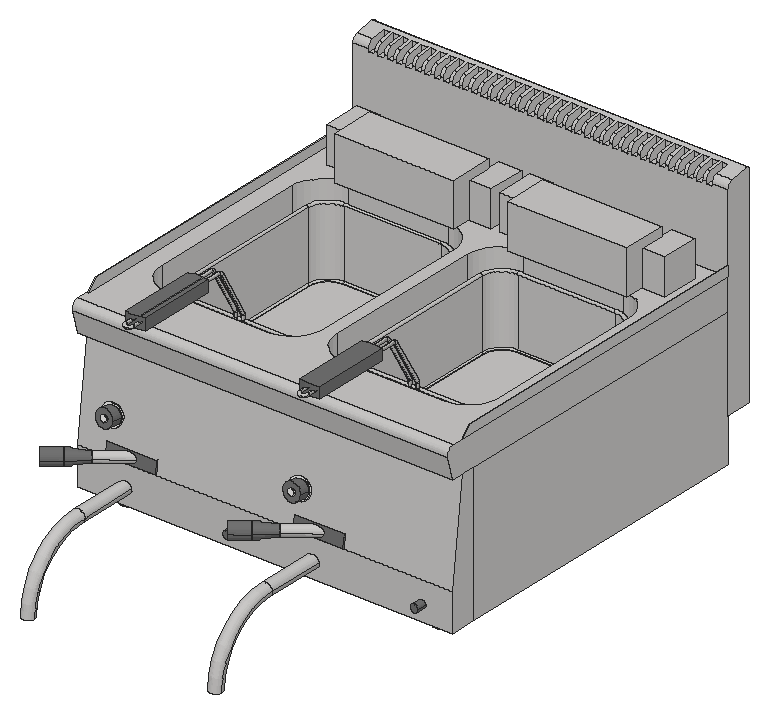
Revit family "QF_GIORIK_LFE6910", category Specialty Equipment, Revit 2014
Parameters (values of type "LFE6910")
  Weight in Pounds = 68.3432
  Watts = 20000 W
  Volts = 400 V
  URL Cutsheet = "www.giorik.com"
  URL = "www.giorik.com"
  Status [instance] = ""
  Specification by User [instance] = ""
  Specification by Manufacturer = ""
  Show Logo [instance] = yes
  Show Clearance [instance] = yes
  Serial Number = ""
  Seismic Rating = ""
  SMACNA No = ""
  Revision Code [instance] = ""
  Phase = 3
  Number of Poles [instance] = 3
  NAFEM Spec ID Number = ""
  Model = "LFE6910"
  Min Ckt Ampacity = 0 A
  Max Overcurrent Protection = 0 A
  Masterspec = ""
  Manufacturer = "GIORIK"
  Item Number [instance] = ""
  Installed By [instance] = ""
  Identify Quantity as Lot [instance] = no
  HP = "26.820400000000"
  Furnished By [instance] = ""
  Foodservice Equipment Identifier [instance] = yes
  FL Amps = 0 A
  Electrical Remarks [instance] = ""
  Electric Connection Type [instance] = ""
  Elec Conn RI Height [instance] = 0 mm
  Elec Conn Connection Height [instance] = 45 mm
  Description = "FRYER WITH LIFTABLE HEATING ELEMENTS ELECTRIC 10+10 LT"
  Cycle = 50 Hz
  Conn Plug = ""
  CSI MasterFormat = ""
  Assembly Code = "E1090320"
  Apparent Power = 20000 VA
Reference planes
  plane 1 "Back": y = 0
  plane 2: z = 0
  plane 3 "Left": x = 0
  plane 4 "Right": x = 600
  plane 5 "Front": y = -600
  plane 6 "Top": z = 430
Forms (mm)
  Extrusion 1, solid
    sketch origin (0, 1000, -578.42) x (0, 1, 0) y (0, 0, 1)
      loop
        line (-1040.007, 869.975) -> (-1589.445, 869.975)
        arc (-1589.445, 869.975) -> (-1598.171, 865.672) -> (-1600.069, 856.13) r 10.999
        line (-1600.069, 856.13) -> (-1590.388, 820) -> (-1040.007, 820) -> (-1040.007, 869.975)
    from 0 to 600
  Extrusion 2, solid
    sketch origin (0, 0, -558.42) x (0, 1, 0) y (0, 0, 1)
      loop
        line (-570.06, 849.975) -> (-40.007, 849.975) -> (-40.007, 864.975) -> (-555.06, 864.975) -> (-570.06, 849.975)
    from 0 to 1.85
  Extrusion 3, solid
    sketch origin (0, 0, -558.42) x (0, 1, 0) y (0, 0, 1)
      loop
        line (-40.007, 800) -> (-550, 800) -> (-550, 580) -> (-40.007, 580) -> (-40.007, 800)
    from 0 to 600
  Extrusion 4, solid
    sketch origin (0, 0, -558.42) x (0, 1, 0) y (0, 0, 1)
      loop
        line (-550, 800) -> (-570.5, 800) -> (-590, 640) -> (-590, 580) -> (-550, 580) -> (-550, 800)
    from 0 to 600
  Extrusion 5, solid
    sketch origin (598.094, 0, -558.42) x (0, 1, 0) y (0, 0, 1)
      loop
        line (-570.06, 849.975) -> (-40.007, 849.975) -> (-40.007, 864.975) -> (-555.06, 864.975) -> (-570.06, 849.975)
    from -0.15 to 1.906
  Extrusion 6, solid
    sketch origin (0, 0, -558.42) x (0, 1, 0) y (0, 0, 1)
      loop
        line (-40.007, 974.217) -> (-40.007, 650.827) -> (0, 650.827) -> (0, 988.42)
        arc (0, 988.42) -> (-0.57, 989.648) -> (-1.878, 990) r 1.6
        line (-1.878, 990) -> (-31.072, 984.852)
        arc (-31.072, 984.852) -> (-37.477, 981.162) -> (-40.007, 974.217) r 10.797
    from 0 to 600
  Extrusion 7, solid
    sketch origin (568.319, 0, -558.42) x (1, 0, 0) y (0, 0, 1)
      loop
        circle (-38.319, 606) r 12.5
    from 20.007 to 40.007
  Extrusion 8, void
    sketch origin (10, 0, 431.58) x (0, 1, 0) y (-1, 0, 0)
      loop
        line (-40.007, -25) -> (-9.931, -25) -> (-9.931, -15) -> (-40.007, -15) -> (-40.007, -25)
      loop
        line (-40.007, -40) -> (-9.931, -40) -> (-9.931, -30) -> (-40.007, -30) -> (-40.007, -40)
      loop
        line (-40.007, -55) -> (-9.931, -55) -> (-9.931, -45) -> (-40.007, -45) -> (-40.007, -55)
      loop
        line (-40.007, -70) -> (-9.931, -70) -> (-9.931, -60) -> (-40.007, -60) -> (-40.007, -70)
      loop
        line (-40.007, -85) -> (-9.931, -85) -> (-9.931, -75) -> (-40.007, -75) -> (-40.007, -85)
      loop
        line (-40.007, -100) -> (-9.931, -100) -> (-9.931, -90) -> (-40.007, -90) -> (-40.007, -100)
      loop
        line (-40.007, -115) -> (-9.931, -115) -> (-9.931, -105) -> (-40.007, -105) -> (-40.007, -115)
      loop
        line (-40.007, -130) -> (-9.931, -130) -> (-9.931, -120) -> (-40.007, -120) -> (-40.007, -130)
      loop
        line (-40.007, -145) -> (-9.931, -145) -> (-9.931, -135) -> (-40.007, -135) -> (-40.007, -145)
      loop
        line (-40.007, -160) -> (-9.931, -160) -> (-9.931, -150) -> (-40.007, -150) -> (-40.007, -160)
      loop
        line (-40.007, -175) -> (-9.931, -175) -> (-9.931, -165) -> (-40.007, -165) -> (-40.007, -175)
      loop
        line (-40.007, -190) -> (-9.931, -190) -> (-9.931, -180) -> (-40.007, -180) -> (-40.007, -190)
      loop
        line (-40.007, -205) -> (-9.931, -205) -> (-9.931, -195) -> (-40.007, -195) -> (-40.007, -205)
      loop
        line (-40.007, -220) -> (-9.931, -220) -> (-9.931, -210) -> (-40.007, -210) -> (-40.007, -220)
      loop
        line (-40.007, -235) -> (-9.931, -235) -> (-9.931, -225) -> (-40.007, -225) -> (-40.007, -235)
      loop
        line (-40.007, -250) -> (-9.931, -250) -> (-9.931, -240) -> (-40.007, -240) -> (-40.007, -250)
      loop
        line (-40.007, -265) -> (-9.931, -265) -> (-9.931, -255) -> (-40.007, -255) -> (-40.007, -265)
      loop
        line (-40.007, -280) -> (-9.931, -280) -> (-9.931, -270) -> (-40.007, -270) -> (-40.007, -280)
      loop
        line (-40.007, -295) -> (-9.931, -295) -> (-9.931, -285) -> (-40.007, -285) -> (-40.007, -295)
      loop
        line (-40.007, -310) -> (-9.931, -310) -> (-9.931, -300) -> (-40.007, -300) -> (-40.007, -310)
      loop
        line (-40.007, -325) -> (-9.931, -325) -> (-9.931, -315) -> (-40.007, -315) -> (-40.007, -325)
      loop
        line (-40.007, -340) -> (-9.931, -340) -> (-9.931, -330) -> (-40.007, -330) -> (-40.007, -340)
      loop
        line (-40.007, -355) -> (-9.931, -355) -> (-9.931, -345) -> (-40.007, -345) -> (-40.007, -355)
      loop
        line (-40.007, -370) -> (-9.931, -370) -> (-9.931, -360) -> (-40.007, -360) -> (-40.007, -370)
      loop
        line (-40.007, -385) -> (-9.931, -385) -> (-9.931, -375) -> (-40.007, -375) -> (-40.007, -385)
      loop
        line (-40.007, -400) -> (-9.931, -400) -> (-9.931, -390) -> (-40.007, -390) -> (-40.007, -400)
      loop
        line (-40.007, -415) -> (-9.931, -415) -> (-9.931, -405) -> (-40.007, -405) -> (-40.007, -415)
      loop
        line (-40.007, -430) -> (-9.931, -430) -> (-9.931, -420) -> (-40.007, -420) -> (-40.007, -430)
      loop
        line (-40.007, -445) -> (-9.931, -445) -> (-9.931, -435) -> (-40.007, -435) -> (-40.007, -445)
      loop
        line (-40.007, -460) -> (-9.931, -460) -> (-9.931, -450) -> (-40.007, -450) -> (-40.007, -460)
      loop
        line (-40.007, -520) -> (-9.931, -520) -> (-9.931, -510) -> (-40.007, -510) -> (-40.007, -520)
      loop
        line (-40.007, -535) -> (-9.931, -535) -> (-9.931, -525) -> (-40.007, -525) -> (-40.007, -535)
      loop
        line (-40.007, -565) -> (-9.931, -565) -> (-9.931, -555) -> (-40.007, -555) -> (-40.007, -565)
      loop
        line (-40.007, -475) -> (-9.931, -475) -> (-9.931, -465) -> (-40.007, -465) -> (-40.007, -475)
      loop
        line (-40.007, -490) -> (-9.931, -490) -> (-9.931, -480) -> (-40.007, -480) -> (-40.007, -490)
      loop
        line (-40.007, -505) -> (-9.931, -505) -> (-9.931, -495) -> (-40.007, -495) -> (-40.007, -505)
      loop
        line (-40.007, -550) -> (-9.931, -550) -> (-9.931, -540) -> (-40.007, -540) -> (-40.007, -550)
    from 0 to -20
  Extrusion 9, solid
    sketch origin (566.603, 14.286, -28.42) x (0, 1, 0) y (-1, 0, 0)
      loop
        circle (-79.293, 516.603) r 5
    from 40.385 to 50
  Revolve 10, solid
    sketch origin (50, 18.936, -600) x (0, 1, 0) y (0, 0, 1)
      loop
        line (-83.943, 611.965) -> (-94.752, 611.965) -> (-97.943, 600) -> (-83.943, 600) -> (-83.943, 611.965)
      axis (-83.943, 611.965) -> (-83.943, 600)
    angle from 0 to 360
  Extrusion 11, solid
    sketch origin (33.397, 14.286, -28.42) x (0, 1, 0) y (-1, 0, 0)
      loop
        circle (-79.293, -516.603) r 5
    from 40.385 to 50
  Revolve 12, solid
    sketch origin (550, 18.936, -600) x (0, 1, 0) y (0, 0, -1)
      loop
        line (-83.943, -611.965) -> (-83.943, -600) -> (-97.943, -600) -> (-94.752, -611.965) -> (-83.943, -611.965)
      axis (-83.943, -611.965) -> (-83.943, -600)
    angle from 0 to 360
  Extrusion 13, solid
    sketch origin (566.603, -469.707, -30) x (0, 1, 0) y (-1, 0, 0)
      loop
        circle (-79.293, 516.603) r 5
    from 41.965 to 51.58
  Revolve 14, solid
    sketch origin (50, -465.057, -600) x (0, 1, 0) y (0, 0, 1)
      loop
        line (-83.943, 611.965) -> (-94.752, 611.965) -> (-97.943, 600) -> (-83.943, 600) -> (-83.943, 611.965)
      axis (-83.943, 611.965) -> (-83.943, 600)
    angle from 0 to 360
  Extrusion 15, solid
    sketch origin (33.397, -469.707, -30) x (0, 1, 0) y (-1, 0, 0)
      loop
        circle (-79.293, -516.603) r 5
    from 41.965 to 51.58
  Revolve 16, solid
    sketch origin (550, -465.057, -600) x (0, 1, 0) y (0, 0, -1)
      loop
        line (-83.943, -611.965) -> (-83.943, -600) -> (-97.943, -600) -> (-94.752, -611.965) -> (-83.943, -611.965)
      axis (-83.943, -611.965) -> (-83.943, -600)
    angle from 0 to 360
  Extrusion 17, void
    sketch origin (0, 0, 430) x (0, 1, 0) y (-1, 0, 0)
      loop
        arc (-150.007, -80) -> (-164.652, -44.645) -> (-200.007, -30) r 50
        line (-200.007, -30) -> (-460, -30)
        arc (-460, -30) -> (-495.355, -44.645) -> (-510, -80) r 50
        line (-510, -80) -> (-510, -240)
        arc (-510, -240) -> (-495.355, -275.355) -> (-460, -290) r 50
        line (-460, -290) -> (-200.007, -290)
        arc (-200.007, -290) -> (-164.652, -275.355) -> (-150.007, -240) r 50
        line (-150.007, -240) -> (-150.007, -80)
      loop
        line (-150.007, -520) -> (-150.007, -360)
        arc (-150.007, -360) -> (-164.652, -324.645) -> (-200.007, -310) r 50
        line (-200.007, -310) -> (-460, -310)
        arc (-460, -310) -> (-495.355, -324.645) -> (-510, -360) r 50
        line (-510, -360) -> (-510, -520)
        arc (-510, -520) -> (-495.355, -555.355) -> (-460, -570) r 50
        line (-460, -570) -> (-200.007, -570)
        arc (-200.007, -570) -> (-164.652, -555.355) -> (-150.007, -520) r 50
    from -97.843 to -337.592
  Sweep 18, solid
    path origin (75, 226.022, -176.065) x (0, 1, 0) y (0, 0, 1)
      loop
        line (-814.022, 222.645) -> (-909.022, 222.645)
        arc (-909.022, 222.645) -> (-979.733, 193.356) -> (-1009.022, 122.645) r 100
    profile origin (75, -635.5, 46.58) x (0, 0, -1) y (1, 0, 0)
      loop
        circle (0, 0) r 10
  Extrusion 19, solid
    sketch origin (-514.91, -590.797, -671.509) x (1, 0, 0) y (0, 0.001091, 0.999999)
      loop
        circle (764.91, 718.089) r 6
    from 0 to 15
  Blend 20, solid
    base sketch origin (588.702, -95.301, -902.739) x (0.615661, -0.788011, 0) y (0, 0, 1)
      loop
        circle (76.097, 994.319) r 8
    top sketch origin (588.702, -95.301, -902.739) x (0.615661, -0.788011, 0) y (0, 0, 1)
      loop
        circle (76.097, 994.319) r 12
    from 750.092 to 785.1
  Extrusion 21, solid
    sketch origin (579.876, -86.968, -914.17) x (0.615661, -0.788011, 0) y (0, 0, 1)
      loop
        circle (88.097, 1005.786) r 12
    from 783.275 to 813.376
  Extrusion 22, solid
    sketch origin (-430.908, -8.612, -369.564) x (-0.615661, 0.788011, 0) y (0, 0, 1)
      loop
        circle (-772.143, 461.145) r 8
    from 0 to 59.891
  Extrusion 23, solid
    sketch origin (-40, -17.89, -65.171) x (1, 0, 0) y (0, 0.12098, 0.992655)
      loop
        line (84.851, 96.58) -> (84.851, 76.58) -> (164.851, 76.58) -> (164.851, 96.58) -> (84.851, 96.58)
    from 584.669 to 586.623
  Extrusion 24, solid
    sketch origin (-214.91, -590.797, -671.509) x (1, 0, 0) y (0, 0.001091, 0.999999)
      loop
        circle (764.91, 718.089) r 6
    from 0 to 15
  Sweep 25, solid
    path origin (375, 226.022, -176.065) x (0, 1, 0) y (0, 0, 1)
      loop
        line (-814.022, 222.645) -> (-909.022, 222.645)
        arc (-909.022, 222.645) -> (-979.733, 193.356) -> (-1009.022, 122.645) r 100
    profile origin (375, -635.5, 46.58) x (0, 0, -1) y (1, 0, 0)
      loop
        circle (0, 0) r 10
  Blend 26, solid
    base sketch origin (888.702, -95.301, -902.739) x (0.615661, -0.788011, 0) y (0, 0, 1)
      loop
        circle (76.097, 994.319) r 8
    top sketch origin (888.702, -95.301, -902.739) x (0.615661, -0.788011, 0) y (0, 0, 1)
      loop
        circle (76.097, 994.319) r 12
    from 750.092 to 785.1
  Extrusion 27, solid
    sketch origin (879.876, -86.968, -914.17) x (0.615661, -0.788011, 0) y (0, 0, 1)
      loop
        circle (88.097, 1005.786) r 12
    from 783.275 to 813.376
  Extrusion 28, solid
    sketch origin (-130.908, -8.612, -369.564) x (-0.615661, 0.788011, 0) y (0, 0, 1)
      loop
        circle (-772.143, 461.145) r 8
    from 0 to 59.891
  Extrusion 29, solid
    sketch origin (260, -17.89, -65.171) x (1, 0, 0) y (0, 0.12098, 0.992655)
      loop
        line (84.851, 96.58) -> (84.851, 76.58) -> (164.851, 76.58) -> (164.851, 96.58) -> (84.851, 96.58)
    from 584.669 to 586.623
  Extrusion 30, solid
    sketch origin (-5.06, -27.512, 291.556) x (0, 1, 0) y (-1, 0, 0)
      loop
        line (-62.495, -71.06) -> (-132.495, -71.06) -> (-132.495, -262.06) -> (-62.495, -262.06) -> (-62.495, -71.06)
    from 0 to 70
  Extrusion 31, solid
    sketch origin (-38.5, 0, 291.556) x (0, 1, 0) y (-1, 0, 0)
      loop
        line (-70.007, -68.5) -> (-130.007, -68.5) -> (-130.007, -104.5) -> (-70.007, -104.5) -> (-70.007, -68.5)
    from 0 to 57
  Extrusion 32, solid
    sketch origin (188.5, 0, 291.556) x (0, 1, 0) y (-1, 0, 0)
      loop
        line (-70.007, -68.5) -> (-130.007, -68.5) -> (-130.007, -104.5) -> (-70.007, -104.5) -> (-70.007, -68.5)
    from 0 to 57
  Extrusion 33, solid
    sketch origin (605.06, -27.512, 291.556) x (0, 1, 0) y (-1, 0, 0)
      loop
        line (-62.495, 71.06) -> (-62.495, 262.06) -> (-132.495, 262.06) -> (-132.495, 71.06) -> (-62.495, 71.06)
    from 0 to 70
  Extrusion 34, solid
    sketch origin (638.5, 0, 291.556) x (0, 1, 0) y (-1, 0, 0)
      loop
        line (-70.007, 68.5) -> (-70.007, 104.5) -> (-130.007, 104.5) -> (-130.007, 68.5) -> (-70.007, 68.5)
    from 0 to 57
  Extrusion 35, solid
    sketch origin (411.5, 0, 291.556) x (0, 1, 0) y (-1, 0, 0)
      loop
        line (-70.007, 68.5) -> (-70.007, 104.5) -> (-130.007, 104.5) -> (-130.007, 68.5) -> (-70.007, 68.5)
    from 0 to 57
  Extrusion 36, solid
    sketch origin (349.956, -611.751, -99.144) x (1, 0, 0) y (0, 0.12098, 0.992655)
      loop
        circle (0, 240) r 14
    from 0 to 17.552
  Extrusion 37, solid
    sketch origin (349.956, -611.751, -99.144) x (1, 0, 0) y (0, 0.12098, 0.992655)
      loop
        circle (0, 240) r 17
    from 0 to 1.96
  Extrusion 38, solid
    sketch origin (279.956, -21.041, -70.269) x (1, 0, 0) y (0, 0.12098, 0.992655)
      loop
        circle (70, 139.874) r 5
    from 601.431 to 599.431
  Extrusion 39, solid
    sketch origin (49.956, -611.751, -99.144) x (1, 0, 0) y (0, 0.12098, 0.992655)
      loop
        circle (0, 240) r 14
    from 0 to 17.552
  Extrusion 40, solid
    sketch origin (49.956, -611.751, -99.144) x (1, 0, 0) y (0, 0.12098, 0.992655)
      loop
        circle (0, 240) r 17
    from 0 to 1.96
  Extrusion 41, solid
    sketch origin (-20.044, -21.041, -70.269) x (1, 0, 0) y (0, 0.12098, 0.992655)
      loop
        circle (70, 139.874) r 5
    from 601.431 to 599.431
  Sweep 42, solid
    path origin (264.498, -1566.021, 264.972) x (0, 1, 0) y (-1, 0, 0)
      loop
        arc (1405.5, -97.49) -> (1395.366, -73.124) -> (1371, -62.99) r 34.6
        line (1371, -62.99) -> (1132.51, -62.99)
        arc (1132.51, -62.99) -> (1107.632, -73.121) -> (1097.5, -98) r 34.6
        line (1097.5, -98) -> (1097.5, -252)
        arc (1097.5, -252) -> (1107.634, -276.366) -> (1132, -286.5) r 34.6
        line (1132, -286.5) -> (1371, -286.5)
        arc (1371, -286.5) -> (1395.366, -276.366) -> (1405.5, -252) r 34.6
        line (1405.5, -252) -> (1405.5, -97.49)
    profile origin (439.243, -160.521, 264.972) x (0, 1, 0) y (0, 0, 1)
      loop
        line (-2.5, 0) -> (-2.5, -107.472)
        arc (-2.5, -107.472) -> (-3.232, -109.24) -> (-5, -109.972) r 2.5
        line (-5, -109.972) -> (-5, -114.972) -> (0, -114.972)
        arc (0, -114.972) -> (1.768, -114.24) -> (2.5, -112.472) r 2.5
        line (2.5, -112.472) -> (2.5, 0)
        arc (2.5, 0) -> (0, 2.5) -> (-2.5, 0) r 2.5
  Extrusion 43, solid
    sketch origin (254.498, -1566.021, 343.972) x (0, 1, 0) y (-1, 0, 0)
      loop
        line (1014.866, -169) -> (890.852, -169)
        arc (890.852, -169) -> (888.33, -185) -> (890.852, -201) r 52
        line (890.852, -201) -> (1014.866, -201)
        arc (1014.866, -201) -> (1017.389, -185) -> (1014.866, -169) r 52
    from 0 to 18
  Extrusion 44, solid
    sketch origin (1241.998, -68.935, 150) x (0, 1, 0) y (-1, 0, 0)
      loop
        arc (-94.5, 882.51) -> (-103.14, 903.37) -> (-124, 912.01) r 29.5
        line (-124, 912.01) -> (-367.076, 912.01)
        arc (-367.076, 912.01) -> (-388.296, 903.22) -> (-397.086, 882) r 30.01
        line (-397.086, 882) -> (-397.086, 723)
        arc (-397.086, 723) -> (-388.446, 702.14) -> (-367.586, 693.5) r 29.5
        line (-367.586, 693.5) -> (-124, 693.5)
        arc (-124, 693.5) -> (-103.14, 702.14) -> (-94.5, 723) r 29.5
        line (-94.5, 723) -> (-94.5, 882.51)
    from 0 to 5
  Sweep 45, solid
    path origin (433.498, -1566.021, -556.028) x (0, 1, 0) y (0, 0, 1)
      loop
        line (1097.5, 818.028) -> (1097.5, 829.689)
        arc (1097.5, 829.689) -> (1097.33, 830.983) -> (1096.831, 832.188) r 5
        line (1096.831, 832.188) -> (1054.233, 906.027)
        arc (1054.233, 906.027) -> (1052.403, 907.858) -> (1049.902, 908.528) r 5
        line (1049.902, 908.528) -> (878.021, 908.528)
    profile origin (433.498, -468.521, 267.831) x (0, -1, 0) y (1, 0, 0)
      loop
        circle (0, 0) r 2
  Sweep 46, solid
    path origin (445.498, -1566.021, -566.028) x (0, 1, 0) y (0, 0, -1)
      loop
        line (1097.5, -828.028) -> (1097.5, -839.689)
        arc (1097.5, -839.689) -> (1097.33, -840.983) -> (1096.831, -842.188) r 5
        line (1096.831, -842.188) -> (1054.233, -916.027)
        arc (1054.233, -916.027) -> (1052.403, -917.858) -> (1049.902, -918.528) r 5
        line (1049.902, -918.528) -> (878.021, -918.528)
    profile origin (445.498, -468.521, 267.831) x (0, 1, 0) y (-1, 0, 0)
      loop
        circle (0, 0) r 2
  Sweep 47, solid
    path origin (254.498, -66.021, 352.5) x (0, 1, 0) y (-1, 0, 0)
      loop
        arc (-621.979, -179) -> (-627.979, -185) -> (-621.979, -191) r 6
    profile origin (439.498, -694, 352.5) x (0, 1, 0) y (0, 0, 1)
      loop
        circle (0, 0) r 2
  Sweep 48, solid
    path origin (335.502, -1566.021, 264.972) x (0, 1, 0) y (-1, 0, 0)
      loop
        line (1405.5, 97.49) -> (1405.5, 252)
        arc (1405.5, 252) -> (1395.366, 276.366) -> (1371, 286.5) r 34.6
        line (1371, 286.5) -> (1132, 286.5)
        arc (1132, 286.5) -> (1107.634, 276.366) -> (1097.5, 252) r 34.6
        line (1097.5, 252) -> (1097.5, 98)
        arc (1097.5, 98) -> (1107.632, 73.121) -> (1132.51, 62.99) r 34.6
        line (1132.51, 62.99) -> (1371, 62.99)
        arc (1371, 62.99) -> (1395.366, 73.124) -> (1405.5, 97.49) r 34.6
    profile origin (160.757, -160.521, 264.972) x (0, -1, 0) y (0, 0, 1)
      loop
        arc (2.5, 0) -> (0, 2.5) -> (-2.5, 0) r 2.5
        line (-2.5, 0) -> (-2.5, -112.472)
        arc (-2.5, -112.472) -> (-1.768, -114.24) -> (0, -114.972) r 2.5
        line (0, -114.972) -> (5, -114.972) -> (5, -109.972)
        arc (5, -109.972) -> (3.232, -109.24) -> (2.5, -107.472) r 2.5
        line (2.5, -107.472) -> (2.5, 0)
  Extrusion 49, solid
    sketch origin (345.502, -1566.021, 343.972) x (0, 1, 0) y (-1, 0, 0)
      loop
        arc (1014.866, 169) -> (1017.389, 185) -> (1014.866, 201) r 52
        line (1014.866, 201) -> (890.852, 201)
        arc (890.852, 201) -> (888.33, 185) -> (890.852, 169) r 52
        line (890.852, 169) -> (1014.866, 169)
    from 0 to 18
  Extrusion 50, solid
    sketch origin (-641.998, -68.935, 150) x (0, 1, 0) y (-1, 0, 0)
      loop
        line (-94.5, -882.51) -> (-94.5, -723)
        arc (-94.5, -723) -> (-103.14, -702.14) -> (-124, -693.5) r 29.5
        line (-124, -693.5) -> (-367.586, -693.5)
        arc (-367.586, -693.5) -> (-388.446, -702.14) -> (-397.086, -723) r 29.5
        line (-397.086, -723) -> (-397.086, -882)
        arc (-397.086, -882) -> (-388.296, -903.22) -> (-367.076, -912.01) r 30.01
        line (-367.076, -912.01) -> (-124, -912.01)
        arc (-124, -912.01) -> (-103.14, -903.37) -> (-94.5, -882.51) r 29.5
    from 0 to 5
  Sweep 51, solid
    path origin (166.502, -1566.021, -556.028) x (0, 1, 0) y (0, 0, -1)
      loop
        line (1097.5, -818.028) -> (1097.5, -829.689)
        arc (1097.5, -829.689) -> (1097.33, -830.983) -> (1096.831, -832.188) r 5
        line (1096.831, -832.188) -> (1054.233, -906.027)
        arc (1054.233, -906.027) -> (1052.403, -907.858) -> (1049.902, -908.528) r 5
        line (1049.902, -908.528) -> (878.021, -908.528)
    profile origin (166.502, -468.521, 267.831) x (0, 1, 0) y (-1, 0, 0)
      loop
        circle (0, 0) r 2
  Sweep 52, solid
    path origin (154.502, -1566.021, -566.028) x (0, 1, 0) y (0, 0, 1)
      loop
        line (1097.5, 828.028) -> (1097.5, 839.689)
        arc (1097.5, 839.689) -> (1097.33, 840.983) -> (1096.831, 842.188) r 5
        line (1096.831, 842.188) -> (1054.233, 916.027)
        arc (1054.233, 916.027) -> (1052.403, 917.858) -> (1049.902, 918.528) r 5
        line (1049.902, 918.528) -> (878.021, 918.528)
    profile origin (154.502, -468.521, 267.831) x (0, -1, 0) y (1, 0, 0)
      loop
        circle (0, 0) r 2
  Sweep 53, solid
    path origin (345.502, -66.021, 352.5) x (0, 1, 0) y (-1, 0, 0)
      loop
        arc (-621.979, 179) -> (-627.979, 185) -> (-621.979, 191) r 6
    profile origin (160.502, -694, 352.5) x (0, -1, 0) y (0, 0, 1)
      loop
        circle (0, 0) r 2
Cuts and joins
  Extrusion 8 cuts Extrusion 6
  Extrusion 17 cuts Extrusion 1
  Extrusion 17 cuts Extrusion 3
Lines and regions (mm)
  symbolic lines, style "200-EquipInternal-2D"
    curve 1: line (25, -9.931, 290) -> (25, -40.007, 290)
    curve 2: line (35, -40.007, 290) -> (35, -9.931, 290)
    curve 3: line (40, -9.931, 290) -> (40, -40.007, 290)
    curve 4: line (50, -40.007, 290) -> (50, -9.931, 290)
    curve 5: line (55, -9.931, 290) -> (55, -40.007, 290)
    curve 6: line (65, -40.007, 290) -> (65, -9.931, 290)
    curve 7: line (85, -9.931, 290) -> (85, -40.007, 290)
    curve 8: line (95, -40.007, 290) -> (95, -9.931, 290)
    curve 9: line (100, -9.931, 290) -> (100, -40.007, 290)
    curve 10: line (110, -40.007, 290) -> (110, -9.931, 290)
    curve 11: line (140, -40.007, 290) -> (140, -9.931, 290)
    curve 12: line (130, -9.931, 290) -> (130, -40.007, 290)
    curve 13: line (155, -40.007, 290) -> (155, -9.931, 290)
    curve 14: line (160, -9.931, 290) -> (160, -40.007, 290)
    curve 15: line (170, -40.007, 290) -> (170, -9.931, 290)
    curve 16: line (145, -9.931, 290) -> (145, -40.007, 290)
    curve 17: line (200, -40.007, 290) -> (200, -9.931, 290)
    curve 18: line (190, -9.931, 290) -> (190, -40.007, 290)
    curve 19: line (205, -9.931, 290) -> (205, -40.007, 290)
    curve 20: line (215, -40.007, 290) -> (215, -9.931, 290)
    curve 21: line (220, -9.931, 290) -> (220, -40.007, 290)
    curve 22: line (230, -40.007, 290) -> (230, -9.931, 290)
    curve 23: line (250, -9.931, 290) -> (250, -40.007, 290)
    curve 24: line (260, -40.007, 290) -> (260, -9.931, 290)
    curve 25: line (265, -9.931, 290) -> (265, -40.007, 290)
    curve 26: line (275, -40.007, 290) -> (275, -9.931, 290)
    curve 27: line (280, -9.931, 290) -> (280, -40.007, 290)
    curve 28: line (290, -40.007, 290) -> (290, -9.931, 290)
    curve 29: line (320, -40.007, 290) -> (320, -9.931, 290)
    curve 30: line (310, -9.931, 290) -> (310, -40.007, 290)
    curve 31: line (335, -40.007, 290) -> (335, -9.931, 290)
    curve 32: line (325, -9.931, 290) -> (325, -40.007, 290)
    curve 33: line (340, -9.931, 290) -> (340, -40.007, 290)
    curve 34: line (350, -40.007, 290) -> (350, -9.931, 290)
    curve 35: line (370, -9.931, 290) -> (370, -40.007, 290)
    curve 36: line (380, -9.931, 290) -> (370, -9.931, 290)
    curve 37: line (350, -9.931, 290) -> (340, -9.931, 290)
    curve 38: line (335, -9.931, 290) -> (325, -9.931, 290)
    curve 39: line (320, -9.931, 290) -> (310, -9.931, 290)
    curve 40: line (275, -9.931, 290) -> (265, -9.931, 290)
    curve 41: line (110, -9.931, 290) -> (100, -9.931, 290)
    curve 42: line (95, -9.931, 290) -> (85, -9.931, 290)
    curve 43: line (65, -9.931, 290) -> (55, -9.931, 290)
    curve 44: line (35, -9.931, 290) -> (25, -9.931, 290)
    curve 45: line (140, -9.931, 290) -> (130, -9.931, 290)
    curve 46: line (155, -9.931, 290) -> (145, -9.931, 290)
    curve 47: line (170, -9.931, 290) -> (160, -9.931, 290)
    curve 48: line (200, -9.931, 290) -> (190, -9.931, 290)
    curve 49: line (215, -9.931, 290) -> (205, -9.931, 290)
    curve 50: line (230, -9.931, 290) -> (220, -9.931, 290)
    curve 51: line (260, -9.931, 290) -> (250, -9.931, 290)
    curve 52: line (50, -9.931, 290) -> (40, -9.931, 290)
    curve 53: line (70, -9.931, 430) -> (70, -40.007, 430)
    curve 54: line (80, -40.007, 430) -> (80, -9.931, 430)
    curve 55: line (80, -9.931, 430) -> (70, -9.931, 430)
    curve 56: line (175, -9.931, 430) -> (175, -40.007, 430)
    curve 57: line (185, -40.007, 430) -> (185, -9.931, 430)
    curve 58: line (185, -9.931, 430) -> (175, -9.931, 430)
    curve 59: line (235, -9.931, 430) -> (235, -40.007, 430)
    curve 60: line (245, -40.007, 430) -> (245, -9.931, 430)
    curve 61: line (245, -9.931, 430) -> (235, -9.931, 430)
    curve 62: line (290, -9.931, 430) -> (280, -9.931, 430)
    curve 63: line (305, -9.931, 430) -> (295, -9.931, 430)
    curve 64: line (295, -9.931, 430) -> (295, -40.007, 430)
    curve 65: line (305, -40.007, 430) -> (305, -9.931, 430)
    curve 66: line (355, -9.931, 430) -> (355, -40.007, 430)
    curve 67: line (365, -40.007, 430) -> (365, -9.931, 430)
    curve 68: line (365, -9.931, 430) -> (355, -9.931, 430)
    curve 69: line (125, -9.931, 430) -> (115, -9.931, 430)
    curve 70: line (115, -9.931, 430) -> (115, -40.007, 430)
    curve 71: line (125, -40.007, 430) -> (125, -9.931, 430)
    curve 75: line (597.944, -570.06, 430) -> (600, -570.06, 430)
    curve 76: line (597.944, -40.007, 430) -> (597.944, -570.06, 430)
    curve 77: arc (80, -510, 430) -> (44.645, -495.355, 430) -> (30, -460, 430) r 50
    curve 78: line (0, -570.06, 430) -> (1.85, -570.06, 430)
    curve 79: line (1.85, -570.06, 430) -> (1.85, -40.007, 430)
    curve 80: line (1.85, -40.007, 430) -> (597.944, -40.007, 430)
    curve 97: line (380, -40.007, 430) -> (380, -9.931, 430)
    curve 98: line (385, -9.931, 430) -> (385, -40.007, 430)
    curve 99: line (395, -40.007, 430) -> (395, -9.931, 430)
    curve 100: line (400, -9.931, 430) -> (400, -40.007, 430)
    curve 101: line (410, -40.007, 430) -> (410, -9.931, 430)
    curve 102: line (415, -9.931, 430) -> (415, -40.007, 430)
    curve 103: line (425, -40.007, 430) -> (425, -9.931, 430)
    curve 104: line (430, -9.931, 430) -> (430, -40.007, 430)
    curve 105: line (440, -40.007, 430) -> (440, -9.931, 430)
    curve 106: line (445, -9.931, 430) -> (445, -40.007, 430)
    curve 107: line (455, -40.007, 430) -> (455, -9.931, 430)
    curve 108: line (460, -9.931, 430) -> (460, -40.007, 430)
    curve 109: line (470, -40.007, 430) -> (470, -9.931, 430)
    curve 110: line (475, -9.931, 430) -> (475, -40.007, 430)
    curve 111: line (485, -40.007, 430) -> (485, -9.931, 430)
    curve 112: line (490, -9.931, 430) -> (490, -40.007, 430)
    curve 113: line (500, -40.007, 430) -> (500, -9.931, 430)
    curve 114: line (505, -9.931, 430) -> (505, -40.007, 430)
    curve 115: line (515, -40.007, 430) -> (515, -9.931, 430)
    curve 116: line (520, -9.931, 430) -> (520, -40.007, 430)
    curve 117: line (530, -40.007, 430) -> (530, -9.931, 430)
    curve 118: line (535, -9.931, 430) -> (535, -40.007, 430)
    curve 119: line (545, -40.007, 430) -> (545, -9.931, 430)
    curve 120: line (550, -9.931, 430) -> (550, -40.007, 430)
    curve 121: line (560, -40.007, 430) -> (560, -9.931, 430)
    curve 122: line (565, -9.931, 430) -> (565, -40.007, 430)
    curve 123: line (575, -40.007, 430) -> (575, -9.931, 430)
    curve 124: line (575, -9.931, 430) -> (565, -9.931, 430)
    curve 125: line (560, -9.931, 430) -> (550, -9.931, 430)
    curve 126: line (545, -9.931, 430) -> (535, -9.931, 430)
    curve 127: line (530, -9.931, 430) -> (520, -9.931, 430)
    curve 128: line (515, -9.931, 430) -> (505, -9.931, 430)
    curve 129: line (500, -9.931, 430) -> (490, -9.931, 430)
    curve 130: line (485, -9.931, 430) -> (475, -9.931, 430)
    curve 131: line (470, -9.931, 430) -> (460, -9.931, 430)
    curve 132: line (455, -9.931, 430) -> (445, -9.931, 430)
    curve 133: line (440, -9.931, 430) -> (430, -9.931, 430)
    curve 134: line (425, -9.931, 430) -> (415, -9.931, 430)
    curve 135: line (410, -9.931, 430) -> (400, -9.931, 430)
    curve 136: line (395, -9.931, 430) -> (385, -9.931, 430)
    curve 147: line (520, -510, 430) -> (360, -510, 430)
    curve 148: line (240, -510, 430) -> (80, -510, 430)
    curve 149: arc (240, -510, 430) -> (275.355, -495.355, 430) -> (290, -460, 430) r 50
    curve 150: arc (310, -460, 430) -> (324.645, -495.355, 430) -> (360, -510, 430) r 50
    curve 151: arc (520, -510, 430) -> (555.355, -495.355, 430) -> (570, -460, 430) r 50
    curve 152: line (257, -90.007, 430) -> (66, -90.007, 430)
    curve 153: line (534, -90.007, 430) -> (343, -90.007, 430)
    curve 154: line (343, -160.007, 430) -> (534, -160.007, 430)
    curve 155: line (66, -160.007, 430) -> (257, -160.007, 430)
    curve 156: line (257, -130.007, 430) -> (293, -130.007, 430)
    curve 157: line (307, -130.007, 430) -> (343, -130.007, 430)
    curve 158: line (343, -70.007, 430) -> (307, -70.007, 430)
    curve 159: line (293, -70.007, 430) -> (257, -70.007, 430)
    curve 160: line (293, -130.007, 430) -> (293, -70.007, 430)
    curve 161: line (307, -70.007, 430) -> (307, -130.007, 430)
    curve 162: line (570, -130.007, 430) -> (570, -70.007, 430)
    curve 163: line (570, -70.007, 430) -> (534, -70.007, 430)
    curve 164: line (534, -130.007, 430) -> (570, -130.007, 430)
    curve 165: line (30, -70.007, 430) -> (30, -130.007, 430)
    curve 166: line (66, -70.007, 430) -> (30, -70.007, 430)
    curve 167: line (30, -130.007, 430) -> (66, -130.007, 430)
    curve 168: line (30, -200.007, 430) -> (30, -460, 430)
    curve 169: line (290, -460, 430) -> (290, -200.007, 430)
    curve 170: line (310, -200.007, 430) -> (310, -460, 430)
    curve 171: line (66, -70.007, 430) -> (66, -90.007, 430)
    curve 172: line (257, -70.007, 430) -> (257, -90.007, 430)
    curve 173: line (343, -70.007, 430) -> (343, -90.007, 430)
    curve 174: line (534, -70.007, 430) -> (534, -90.007, 430)
    curve 175: line (534, -160.007, 430) -> (534, -130.007, 430)
    curve 176: line (343, -130.007, 430) -> (343, -160.007, 430)
    curve 177: line (257, -160.007, 430) -> (257, -130.007, 430)
    curve 178: line (66, -130.007, 430) -> (66, -160.007, 430)
    curve 179: line (570, -460, 430) -> (570, -200.007, 430)
    curve 180: arc (66, -152.007, 430) -> (40, -170.007, 430) -> (30, -200.007, 430) r 50
    curve 181: arc (257, -152.986, 430) -> (280.927, -171.284, 430) -> (290, -200.007, 430) r 50
    curve 182: arc (343, -152.986, 430) -> (319.073, -171.284, 430) -> (310, -200.007, 430) r 50
    curve 183: arc (534, -152.007, 430) -> (560, -170.007, 430) -> (570, -200.007, 430) r 50
    curve 184: line (324.988, -195.014, 430) -> (324.988, -433.481, 430)
    curve 185: line (362.528, -471.021, 430) -> (431.475, -471.021, 430)
    curve 186: line (431.475, -468.521, 430) -> (431.475, -549.255, 430)
    curve 187: line (423.498, -600, 430) -> (423.498, -551.155, 430)
    curve 188: line (455.498, -551.155, 430) -> (455.498, -600, 430)
    curve 189: line (447.521, -549.255, 430) -> (447.521, -468.521, 430)
    curve 190: line (516.505, -471.021, 430) -> (447.521, -471.021, 430)
    curve 191: line (553.498, -434.029, 430) -> (553.498, -195.021, 430)
    curve 192: line (332.488, -195.021, 430) -> (332.488, -433.54, 430)
    curve 193: line (545.998, -434.021, 430) -> (545.998, -195.021, 430)
    curve 194: arc (516.498, -165.521, 430) -> (537.328, -174.191, 430) -> (545.998, -195.021, 430) r 29.6
    curve 195: arc (332.488, -195.021, 430) -> (341.157, -174.191, 430) -> (361.988, -165.521, 430) r 29.6
    curve 196: arc (362.498, -463.521, 430) -> (341.165, -454.864, 430) -> (332.488, -433.54, 430) r 29.6
    curve 197: arc (545.998, -434.021, 430) -> (537.357, -454.823, 430) -> (516.58, -463.521, 430) r 29.6
    curve 198: arc (324.988, -433.481, 430) -> (335.983, -460.026, 430) -> (362.528, -471.021, 430) r 37.54
    curve 199: arc (516.505, -471.021, 430) -> (542.663, -460.186, 430) -> (553.498, -434.029, 430) r 36.993
    curve 200: arc (527.511, -159.698, 430) -> (546.301, -173.095, 430) -> (553.498, -195.021, 430) r 37
    curve 201: arc (350.967, -159.698, 430) -> (332.182, -173.093, 430) -> (324.988, -195.014, 430) r 36.993
    curve 202: line (435.471, -548.788, 430) -> (435.471, -468.521, 430)
    curve 203: line (443.525, -548.788, 430) -> (443.525, -468.521, 430)
    curve 204: arc (423.498, -551.155, 430) -> (439.498, -548.632, 430) -> (455.498, -551.155, 430) r 52
    curve 214: arc (431.475, -468.521, 430) -> (433.473, -466.523, 430) -> (435.471, -468.521, 430) r 1.998
    curve 215: arc (447.521, -468.521, 430) -> (445.523, -466.523, 430) -> (443.525, -468.521, 430) r 1.998
    curve 216: line (435.471, -471.021, 430) -> (443.525, -471.021, 430)
    curve 217: line (362.498, -463.521, 430) -> (516.58, -463.521, 430)
    curve 218: line (516.498, -165.521, 430) -> (361.988, -165.521, 430)
    curve 219: line (275.012, -195.014, 430) -> (275.012, -433.481, 430)
    curve 220: line (237.472, -471.021, 430) -> (168.525, -471.021, 430)
    curve 221: line (168.525, -468.521, 430) -> (168.525, -549.255, 430)
    curve 222: line (176.502, -600, 430) -> (176.502, -551.155, 430)
    curve 223: line (144.502, -551.155, 430) -> (144.502, -600, 430)
    curve 224: line (152.479, -549.255, 430) -> (152.479, -468.521, 430)
    curve 225: line (83.495, -471.021, 430) -> (152.479, -471.021, 430)
    curve 226: line (46.502, -434.029, 430) -> (46.502, -195.021, 430)
    curve 227: line (267.512, -195.021, 430) -> (267.512, -433.54, 430)
    curve 228: line (54.002, -434.021, 430) -> (54.002, -195.021, 430)
    curve 229: arc (83.502, -165.521, 430) -> (62.672, -174.191, 430) -> (54.002, -195.021, 430) r 29.6
    curve 230: arc (267.512, -195.021, 430) -> (258.843, -174.191, 430) -> (238.012, -165.521, 430) r 29.6
    curve 231: arc (237.502, -463.521, 430) -> (258.835, -454.864, 430) -> (267.512, -433.54, 430) r 29.6
    curve 232: arc (54.002, -434.021, 430) -> (62.643, -454.823, 430) -> (83.42, -463.521, 430) r 29.6
    curve 233: arc (275.012, -433.481, 430) -> (264.017, -460.026, 430) -> (237.472, -471.021, 430) r 37.54
    curve 234: arc (83.495, -471.021, 430) -> (57.337, -460.186, 430) -> (46.502, -434.029, 430) r 36.993
    curve 235: arc (72.489, -159.698, 430) -> (53.699, -173.095, 430) -> (46.502, -195.021, 430) r 37
    curve 236: arc (249.033, -159.698, 430) -> (267.818, -173.093, 430) -> (275.012, -195.014, 430) r 36.993
    curve 237: line (164.529, -548.788, 430) -> (164.529, -468.521, 430)
    curve 238: line (156.475, -548.788, 430) -> (156.475, -468.521, 430)
    curve 239: arc (176.502, -551.155, 430) -> (160.502, -548.632, 430) -> (144.502, -551.155, 430) r 52
    curve 249: arc (168.525, -468.521, 430) -> (166.527, -466.523, 430) -> (164.529, -468.521, 430) r 1.998
    curve 250: arc (152.479, -468.521, 430) -> (154.477, -466.523, 430) -> (156.475, -468.521, 430) r 1.998
    curve 251: line (164.529, -471.021, 430) -> (156.475, -471.021, 430)
    curve 252: line (237.502, -463.521, 430) -> (83.42, -463.521, 430)
    curve 253: line (83.502, -165.521, 430) -> (238.012, -165.521, 430)
  symbolic lines, style "200-EquipBorder-2D"
    curve 72: line (600, 0, 430) -> (0, 0, 430)
    curve 73: line (600, -600, 430) -> (600, 0, 430)
    curve 74: line (0, 0, 430) -> (0, -600, 430)
    curve 81: line (65, -611.182, 430) -> (65, -783, 430)
    curve 82: line (85, -783, 430) -> (85, -600, 430)
    curve 83: arc (65, -783, 430) -> (75, -793, 430) -> (85, -783, 430) r 10
    curve 84: line (49.396, -623.373, 430) -> (65, -611.182, 430)
    curve 85: line (39.545, -610.765, 430) -> (53.324, -600, 430)
    curve 86: line (24.194, -648.14, 430) -> (0.552, -666.61, 430)
    curve 87: line (0.552, -666.61, 430) -> (-14.224, -647.698, 430)
    curve 88: line (-14.224, -647.698, 430) -> (9.496, -629.166, 430)
    curve 89: line (9.496, -629.166, 430) -> (39.545, -610.765, 430)
    curve 90: line (49.396, -623.373, 430) -> (24.194, -648.14, 430)
    curve 91: line (243.991, -600, 430) -> (243.991, -607.014, 430)
    curve 92: line (243.991, -607.014, 430) -> (256, -607.014, 430)
    curve 93: line (256, -607.014, 430) -> (256, -600, 430)
    curve 94: line (544, -600, 430) -> (544, -607.014, 430)
    curve 95: line (544, -607.014, 430) -> (556.034, -607.014, 430)
    curve 96: line (556.034, -607.014, 430) -> (556.034, -600, 430)
    curve 137: line (365, -611.182, 430) -> (365, -783, 430)
    curve 138: line (385, -783, 430) -> (385, -600, 430)
    curve 139: arc (365, -783, 430) -> (375, -793, 430) -> (385, -783, 430) r 10
    curve 140: line (349.396, -623.373, 430) -> (365, -611.182, 430)
    curve 141: line (339.545, -610.765, 430) -> (353.324, -600, 430)
    curve 142: line (324.194, -648.14, 430) -> (300.552, -666.61, 430)
    curve 143: line (300.552, -666.61, 430) -> (285.776, -647.698, 430)
    curve 144: line (285.776, -647.698, 430) -> (309.496, -629.166, 430)
    curve 145: line (309.496, -629.166, 430) -> (339.545, -610.765, 430)
    curve 146: line (349.396, -623.373, 430) -> (324.194, -648.14, 430)
    curve 205: arc (423.498, -675.169, 430) -> (439.498, -677.692, 430) -> (455.498, -675.169, 430) r 52
    curve 206: line (423.498, -675.169, 430) -> (423.498, -600, 430)
    curve 207: line (455.498, -675.169, 430) -> (455.498, -600, 430)
    curve 208: line (431.498, -688, 430) -> (431.498, -677.073, 430)
    curve 209: line (435.498, -688, 430) -> (435.498, -677.538, 430)
    curve 210: line (447.498, -688, 430) -> (447.498, -677.073, 430)
    curve 211: line (443.498, -688, 430) -> (443.498, -677.538, 430)
    curve 212: arc (435.498, -688, 430) -> (439.498, -692, 430) -> (443.498, -688, 430) r 4
    curve 213: arc (447.498, -688, 430) -> (439.498, -696, 430) -> (431.498, -688, 430) r 8
    curve 240: arc (176.502, -675.169, 430) -> (160.502, -677.692, 430) -> (144.502, -675.169, 430) r 52
    curve 241: line (176.502, -675.169, 430) -> (176.502, -600, 430)
    curve 242: line (144.502, -675.169, 430) -> (144.502, -600, 430)
    curve 243: line (168.502, -688, 430) -> (168.502, -677.073, 430)
    curve 244: line (164.502, -688, 430) -> (164.502, -677.538, 430)
    curve 245: line (152.502, -688, 430) -> (152.502, -677.073, 430)
    curve 246: line (156.502, -688, 430) -> (156.502, -677.538, 430)
    curve 247: arc (164.502, -688, 430) -> (160.502, -692, 430) -> (156.502, -688, 430) r 4
    curve 248: arc (152.502, -688, 430) -> (160.502, -696, 430) -> (168.502, -688, 430) r 8
    curve 254: line (0, -600, 430) -> (144.502, -600, 430)
    curve 255: line (176.502, -600, 430) -> (423.498, -600, 430)
    curve 256: line (600, -600, 430) -> (455.498, -600, 430)
Dimensions and locks
  plane 3 "Left" to plane 4 "Right" = 600 mm
  plane 5 "Front" to plane 1 "Back" = 600 mm
  plane 4 "Right" to plane 3 "Left" = 600 mm
  plane 1 "Back" to plane 5 "Front" = 600 mm
  plane 6 "Top" to level = 430 mm  (x2)
  aligned and locked: level to plane 2
Connectors
  electrical at (530, -20.007, 47.58), driven by "Apparent Power", driven by "Volts", driven by "Number of Poles"
    settings: on Extrusion 7, index 1, voltage 400 V, apparent load 0 VA, apparent load phase1 20000 VA, apparent load phase2 0 VA, apparent load phase3 0 VA, power factor 1, load classification "Other", number of poles 3, system type 31, power factor state 1, is connector primary yes, connector utility no, sub classification motor no, connector description "Electrical connection"
